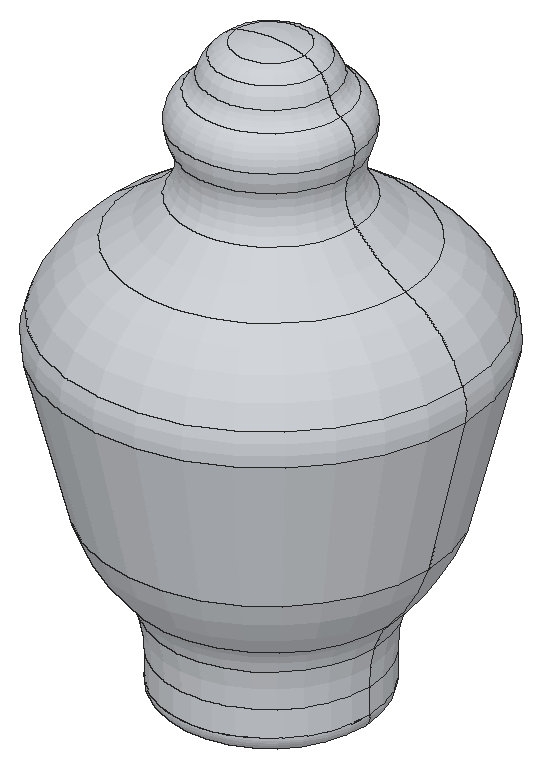
Revit family "Accessory-Cabinet_Knob-KOHLER-Kelston-K-13552", category Specialty Equipment, host Face, Revit 2015
Parameters (values of type "CP-Polished Chrome")
  Width = 3/4"  # constant formula
  URL = "https://www.us.kohler.com/us/"
  Type = 1
  Product Page URL = "http://www.us.kohler.com/us/catalog/productDetails.jsp?productNumber=13552"
  Product Name = "Kelston"  # constant formula
  Product Documentation Link = "http://www.us.kohler.com/onlinecatalog/pdf/K-13552_spec.pdf"
  Model = if(Type = 1, "K-13552-CP", if(Type = 2, "K-13552-BN", if(Type = 3, "K-13552-2BZ", "NA")))  # "K-13552-CP"
  Material = "Premium Metal Construction"  # constant formula
  MasterFormat 2004 = "10.28.13"  # constant formula
  MasterFormat 1995 = "10820"  # constant formula
  Manufacturer Address = "444 Highland Dr, Kohler, WI 53044"  # constant formula
  Manufacturer = "KOHLER Co."  # constant formula
  Length = 1 1/8"  # constant formula
  Height = 3/4"  # constant formula
  Finish = Kohler-Metal-CP-Polished_Chrome
  Environmental Product Declaration = ""
  Description = "Knob"  # constant formula
  Default Elevation = 42"
  Declare Label = ""
  Date Modified = "11/30/2018"  # constant formula
  Date Created = "11/30/2018"  # constant formula
  Copyright = "Copyright KOHLER Co."  # constant formula
  Contact Us = "https://www.us.kohler.com/us/static/contact.jsp"
  Assembly Code = "C1030200"
  ADA Compliant = 1 = 0  # no
Types (4): name | Type | Model | Finish
  (no name) | 1 | "K-13552-CP" | Kohler-Metal-CP-Polished_Chrome
  CP-Polished Chrome | 1 | "K-13552-CP" | Kohler-Metal-CP-Polished_Chrome
  BN-Vibrant Brushed Nickel | 2 | "K-13552-BN" | Kohler-Metal-BN-Vibrant_Brushed_Nickel
  2BZ-Oil-Rubbed Bronze | 3 | "K-13552-2BZ" | Kohler-Metal-2BZ-Oil_Rubbed_Bronze
Reference planes (in)
  plane 1 "Center (Front/Back)": y = 0
  plane 2: z = 0
  plane 3 "Center (Left/Right)": x = 0
  plane 4: x = -0.375
  plane 5: x = 0.375
  plane 6: y = 0.375
  plane 7: y = -0.375
  plane 8: z = 1.125
Dimensions and locks (in)
  "Width": plane 4 to plane 5
  "Height": plane 6 to plane 7
  "Length": plane 8 to level
  aligned and locked: host face to plane 2
  aligned and locked: host face to level
Automatic sketch dimensions
  host sketch curve to host sketch curve = 96"  (x2)
Nested families (in)
  nested 1: "K-13552" at (0, 0, 0), type "K-13552"
Definition of nested family "K-13552"
  Parameters (values of type "K-13552")
    Material = none
  Reference planes (in)
    plane 1 "Center (Front/Back)": y = 0
    plane 2: z = 0
    plane 3 "Center (Left/Right)": x = 0
    plane 4: x = -0.375
    plane 5: x = 0.375
    plane 6: y = 0.375
    plane 7: y = -0.375
    plane 8: z = 1.125
  Forms (in)
    Revolve 1, solid, material <- "Material", detail levels medium+fine
      sketch origin (0, 0, 0) x (1, 0, 0) y (0, 0, 1)
        loop
          line (0, 1.125) -> (0, 0) -> (0.16013, 0)
          arc (0.16013, 0) -> (0.181, 0.00864) -> (0.18964, 0.02951) r 0.02951
          line (0.18964, 0.02951) -> (0.18964, 0.07862)
          arc (0.18964, 0.07862) -> (0.19202, 0.11376) -> (0.19911, 0.14825) r 0.26059
          arc (0.19911, 0.14825) -> (0.21006, 0.17437) -> (0.2272, 0.19691) r 0.11221
          arc (0.2272, 0.19691) -> (0.27142, 0.25336) -> (0.30198, 0.31823) r 0.32047
          arc (0.30198, 0.31823) -> (0.34297, 0.45554) -> (0.37344, 0.59556) r 1.88846
          arc (0.37344, 0.59556) -> (0.37476, 0.62556) -> (0.3682, 0.65486) r 0.11386
          arc (0.3682, 0.65486) -> (0.3251, 0.72744) -> (0.25885, 0.77977) r 0.23166
          arc (0.25885, 0.77977) -> (0.20718, 0.81343) -> (0.16255, 0.856) r 0.33498
          arc (0.16255, 0.856) -> (0.14402, 0.89695) -> (0.15111, 0.94133) r 0.07813
          arc (0.15111, 0.94133) -> (0.15812, 0.96036) -> (0.16131, 0.98039) r 0.10412
          arc (0.16131, 0.98039) -> (0.15496, 1.01123) -> (0.13398, 1.03471) r 0.06051
          arc (0.13398, 1.03471) -> (0.12108, 1.04686) -> (0.11322, 1.06273) r 0.05016
          arc (0.11322, 1.06273) -> (0.10632, 1.07968) -> (0.09607, 1.09485) r 0.08816
          arc (0.09607, 1.09485) -> (0.08174, 1.10758) -> (0.06436, 1.11564) r 0.06591
          arc (0.06436, 1.11564) -> (0.03252, 1.12265) -> (0, 1.125) r 0.22604
        axis (0, 0) -> (0, 1.125)
      angle from 0 to 360
    Revolve 2, solid, material <- "Material", detail levels coarse
      sketch origin (0, 0, 0) x (1, 0, 0) y (0, 0, 1)
        loop
          line (0, 0) -> (0.20694, 0) -> (0.375, 0.4881) -> (0.375, 0.82978) -> (0.16131, 0.82978) -> (0.16131, 1.125) -> (0, 1.125) -> (0, 0)
        axis (0, 0) -> (0, 1.125)
      angle from 0 to 360
  Lines and regions (in)
    Masking region 1
      outline origin (0, 0, 0) x (1, 0, 0) y (0, 0, 1)
        loop
          line (0, 0) -> (0.16013, 0)
          arc (0.16013, 0) -> (0.181, 0.00864) -> (0.18964, 0.02951) r 0.02951
          line (0.18964, 0.02951) -> (0.18964, 0.07862)
          arc (0.18964, 0.07862) -> (0.19202, 0.11376) -> (0.19911, 0.14825) r 0.26059
          arc (0.19911, 0.14825) -> (0.21006, 0.17437) -> (0.2272, 0.19691) r 0.11221
          arc (0.2272, 0.19691) -> (0.27142, 0.25336) -> (0.30198, 0.31823) r 0.32047
          arc (0.30198, 0.31823) -> (0.33537, 0.42695) -> (0.36215, 0.53748) r 1.88846
          arc (0.36215, 0.53748) -> (0.36947, 0.57662) -> (0.375, 0.61604) r 0.87475
          arc (0.375, 0.61604) -> (0.37334, 0.63576) -> (0.3682, 0.65486) r 0.11056
          arc (0.3682, 0.65486) -> (0.3251, 0.72744) -> (0.25885, 0.77977) r 0.23166
          arc (0.25885, 0.77977) -> (0.20718, 0.81343) -> (0.16255, 0.856) r 0.33498
          arc (0.16255, 0.856) -> (0.14402, 0.89695) -> (0.15111, 0.94133) r 0.07813
          arc (0.15111, 0.94133) -> (0.15812, 0.96036) -> (0.16131, 0.98039) r 0.10412
          arc (0.16131, 0.98039) -> (0.15496, 1.01123) -> (0.13398, 1.03471) r 0.06051
          arc (0.13398, 1.03471) -> (0.12108, 1.04686) -> (0.11322, 1.06273) r 0.05016
          arc (0.11322, 1.06273) -> (0.10632, 1.07968) -> (0.09607, 1.09485) r 0.08816
          arc (0.09607, 1.09485) -> (0.08174, 1.10758) -> (0.06436, 1.11564) r 0.06591
          arc (0.06436, 1.11564) -> (0.03252, 1.12265) -> (0, 1.125) r 0.22604
          arc (0, 1.125) -> (-0.03252, 1.12265) -> (-0.06436, 1.11564) r 0.22604
          arc (-0.06436, 1.11564) -> (-0.08174, 1.10758) -> (-0.09607, 1.09485) r 0.06591
          arc (-0.09607, 1.09485) -> (-0.10632, 1.07968) -> (-0.11322, 1.06273) r 0.08816
          arc (-0.11322, 1.06273) -> (-0.12108, 1.04686) -> (-0.13398, 1.03471) r 0.05016
          arc (-0.13398, 1.03471) -> (-0.15496, 1.01123) -> (-0.16131, 0.98039) r 0.06051
          arc (-0.16131, 0.98039) -> (-0.15812, 0.96036) -> (-0.15111, 0.94133) r 0.10412
          arc (-0.15111, 0.94133) -> (-0.14402, 0.89695) -> (-0.16255, 0.856) r 0.07813
          arc (-0.16255, 0.856) -> (-0.20718, 0.81343) -> (-0.25885, 0.77977) r 0.33498
          arc (-0.25885, 0.77977) -> (-0.3251, 0.72744) -> (-0.3682, 0.65486) r 0.23166
          arc (-0.3682, 0.65486) -> (-0.37331, 0.63591) -> (-0.375, 0.61636) r 0.11053
          arc (-0.375, 0.61636) -> (-0.37051, 0.58222) -> (-0.3644, 0.54834) r 0.72881
          arc (-0.3644, 0.54834) -> (-0.33683, 0.4323) -> (-0.30198, 0.31823) r 1.88846
          arc (-0.30198, 0.31823) -> (-0.27142, 0.25336) -> (-0.2272, 0.19691) r 0.32047
          arc (-0.2272, 0.19691) -> (-0.21006, 0.17437) -> (-0.19911, 0.14825) r 0.11221
          arc (-0.19911, 0.14825) -> (-0.19202, 0.11376) -> (-0.18964, 0.07862) r 0.26059
          line (-0.18964, 0.07862) -> (-0.18964, 0.02951)
          arc (-0.18964, 0.02951) -> (-0.181, 0.00864) -> (-0.16013, 0) r 0.02951
          line (-0.16013, 0) -> (0, 0)
    Masking region 2
      outline origin (0, 0, 0) x (0, 1, 0) y (0, 0, 1)
        loop
          line (0, 0) -> (0.16013, 0)
          arc (0.16013, 0) -> (0.181, 0.00864) -> (0.18964, 0.02951) r 0.02951
          line (0.18964, 0.02951) -> (0.18964, 0.07862)
          arc (0.18964, 0.07862) -> (0.19202, 0.11376) -> (0.19911, 0.14825) r 0.26059
          arc (0.19911, 0.14825) -> (0.21006, 0.17437) -> (0.2272, 0.19691) r 0.11221
          arc (0.2272, 0.19691) -> (0.27142, 0.25336) -> (0.30198, 0.31823) r 0.32047
          arc (0.30198, 0.31823) -> (0.33902, 0.44045) -> (0.36771, 0.56489) r 1.88846
          arc (0.36771, 0.56489) -> (0.3718, 0.58818) -> (0.375, 0.61161) r 0.62049
          arc (0.375, 0.61161) -> (0.37373, 0.63357) -> (0.3682, 0.65486) r 0.11203
          arc (0.3682, 0.65486) -> (0.3251, 0.72744) -> (0.25885, 0.77977) r 0.23166
          arc (0.25885, 0.77977) -> (0.20718, 0.81343) -> (0.16255, 0.856) r 0.33498
          arc (0.16255, 0.856) -> (0.14402, 0.89695) -> (0.15111, 0.94133) r 0.07813
          arc (0.15111, 0.94133) -> (0.15812, 0.96036) -> (0.16131, 0.98039) r 0.10412
          arc (0.16131, 0.98039) -> (0.15496, 1.01123) -> (0.13398, 1.03471) r 0.06051
          arc (0.13398, 1.03471) -> (0.12108, 1.04686) -> (0.11322, 1.06273) r 0.05016
          arc (0.11322, 1.06273) -> (0.10632, 1.07968) -> (0.09607, 1.09485) r 0.08816
          arc (0.09607, 1.09485) -> (0.08174, 1.10758) -> (0.06436, 1.11564) r 0.06591
          arc (0.06436, 1.11564) -> (0.03252, 1.12265) -> (0, 1.125) r 0.22604
          arc (0, 1.125) -> (-0.03252, 1.12265) -> (-0.06436, 1.11564) r 0.22604
          arc (-0.06436, 1.11564) -> (-0.08174, 1.10758) -> (-0.09607, 1.09485) r 0.06591
          arc (-0.09607, 1.09485) -> (-0.10632, 1.07968) -> (-0.11322, 1.06273) r 0.08816
          arc (-0.11322, 1.06273) -> (-0.12108, 1.04686) -> (-0.13398, 1.03471) r 0.05016
          arc (-0.13398, 1.03471) -> (-0.15496, 1.01123) -> (-0.16131, 0.98039) r 0.06051
          arc (-0.16131, 0.98039) -> (-0.15812, 0.96036) -> (-0.15111, 0.94133) r 0.10412
          arc (-0.15111, 0.94133) -> (-0.14402, 0.89695) -> (-0.16255, 0.856) r 0.07813
          arc (-0.16255, 0.856) -> (-0.20718, 0.81343) -> (-0.25885, 0.77977) r 0.33498
          arc (-0.25885, 0.77977) -> (-0.3251, 0.72744) -> (-0.3682, 0.65486) r 0.23166
          arc (-0.3682, 0.65486) -> (-0.37373, 0.63357) -> (-0.375, 0.61161) r 0.11203
          arc (-0.375, 0.61161) -> (-0.3718, 0.58818) -> (-0.36771, 0.56489) r 0.62049
          arc (-0.36771, 0.56489) -> (-0.33902, 0.44045) -> (-0.30198, 0.31823) r 1.88846
          arc (-0.30198, 0.31823) -> (-0.27142, 0.25336) -> (-0.2272, 0.19691) r 0.32047
          arc (-0.2272, 0.19691) -> (-0.21006, 0.17437) -> (-0.19911, 0.14825) r 0.11221
          arc (-0.19911, 0.14825) -> (-0.19202, 0.11376) -> (-0.18964, 0.07862) r 0.26059
          line (-0.18964, 0.07862) -> (-0.18964, 0.02951)
          arc (-0.18964, 0.02951) -> (-0.181, 0.00864) -> (-0.16013, 0) r 0.02951
          line (-0.16013, 0) -> (0, 0)
    Masking region 3
      outline origin (0, 0, 0) x (1, 0, 0) y (0, 1, 0)
        loop
          arc (0.375, 0) -> (0.26517, 0.26517) -> (0, 0.375) r 0.375
          arc (0, 0.375) -> (-0.26517, 0.26517) -> (-0.375, 0) r 0.375
          arc (-0.375, 0) -> (-0.26517, -0.26517) -> (0, -0.375) r 0.375
          arc (0, -0.375) -> (0.26517, -0.26517) -> (0.375, 0) r 0.375
    symbolic lines, detail levels medium+fine
      curve 1: line (-0.11322, 0, 1.06273) -> (0.11322, 0, 1.06273)
      curve 2: line (-0.13398, 0, 1.03471) -> (0.13398, 0, 1.03471)
      curve 3: line (-0.15111, 0, 0.94133) -> (0.15111, 0, 0.94133)
      curve 4: line (-0.25885, 0, 0.77977) -> (0.25885, 0, 0.77977)
      curve 5: line (-0.2272, 0, 0.19691) -> (0.2272, 0, 0.19691)
      curve 6: line (-0.375, 0, 0.61636) -> (0.37504, 0, 0.61636)
      curve 7: line (0, 0.375, 0.61161) -> (0, -0.375, 0.61161)
      curve 8: line (0, 0.25885, 0.77977) -> (0, -0.25885, 0.77977)
      curve 9: line (0, 0.15111, 0.94133) -> (0, -0.15111, 0.94133)
      curve 10: line (0, 0.13398, 1.03471) -> (0, -0.13398, 1.03471)
      curve 11: line (0, 0.11322, 1.06273) -> (0, -0.11322, 1.06273)
      curve 12: line (0, 0.2272, 0.19691) -> (0, -0.2272, 0.19691)
      curve 13: circle (0, 0, 0) r 0.16187 normal (0, 0, 1)
      curve 14: circle (0, 0, 0) r 0.1142 normal (0, 0, 1)
  Dimensions and locks (in)
    locked: plane 4 to plane 5 at 0.75
    locked: plane 6 to plane 7 at 0.75
    locked: plane 8 to level at 1.125
    aligned and locked: plane 2 to level
